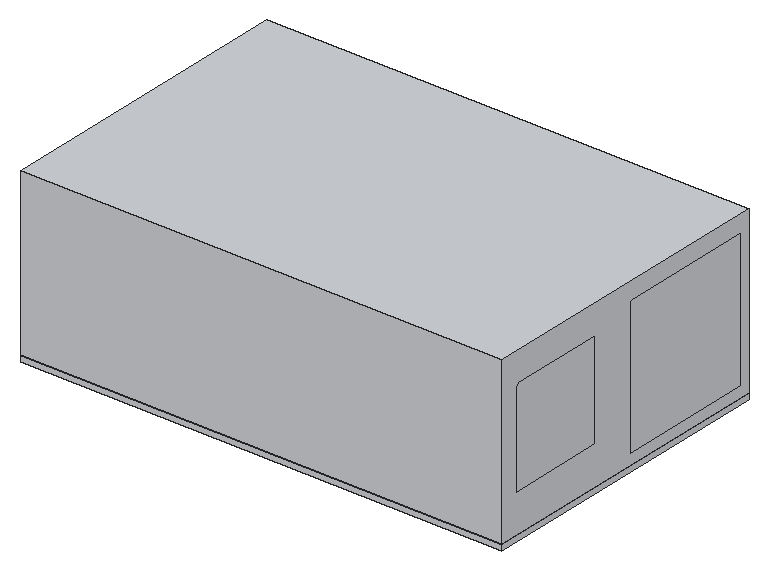
Revit family "AHU 7 _7", category Mechanické zařízení, Revit 2018
Family settings
  Kóta kulaté spojky = Použít průměr
  Typ dílu = Normální
  Číslo OmniClass = 23.75.00.00
  Nadpis OmniClass = Climate Control (HVAC)
  Založené na pracovní rovině = Ne
  Vždy vertikální = Ano
  Ořezat dutým tvarem při načtení = Ne
  Sdílené = Ne
  Bod výpočtu místnosti = Ne
Parameters (values of type "DUPLEXVENT 4500 Multi Eco")
  Width [instance] = 1.6 mm
  Weight [instance] = 420.00 kg
  URL = ""
  Type [instance] = "DUPLEXVENT 4500 Multi Eco"
  Total_SFP [instance] = 0
  Supply_outlet_hum [instance] = 90
  Supply_inlet_hum [instance] = 90
  Supply_ext_pressure [instance] = 0.0 Pa
  Supply_SFP [instance] = 0
  Source_adu_file [instance] = ""
  Recuperation_type [instance] = "Plate heat recovery exchanger"
  Recuperation_efficiency_EN308 [instance] = 91.9
  Project_name [instance] = ""
  Project_date [instance] = "10.8.2023"
  Power_supply_fusing [instance] = "0"
  Power_supply_cable [instance] = "0"
  Position [instance] = "AHU 7 "
  Phases_count [instance] = 3
  Panel_thickness [instance] = 0.06 mm
  Outer_surface [instance] = "RAL 9002"
  Length [instance] = 2.5 mm
  Insulation_type [instance] = "PUR"
  Insulation_thickness [instance] = 0.05 mm
  Installation_environment [instance] = ""
  Input_power_max [instance] = 5000 W
  Inner_surface [instance] = "Pozink"
  I2 [instance] = I1  # 0.0 L/s
  Height [instance] = 0.885 mm
  Exhaust_outlet_hum [instance] = 0
  Exhaust_inlet_hum [instance] = 40
  Exhaust_ext_pressure [instance] = 0.0 Pa
  Exhaust_SFP [instance] = 0
  E1 [instance] = E2 - M1  # 0.0 L/s
  E2 [instance] = 0.0 L/s
  I1 [instance] = 0.0 L/s
  Description = ""
  M1 [instance] = 0.0 L/s
  Device_dutypoint_version [instance] = "1"
  Device_design_version [instance] = "13"
  Device_adu_id [instance] = "7"
  Current_max [instance] = 7.6 A
  Casing_mat [instance] = "painted zinc layer"
  Cable type [instance] = "CYKY 5Jx2,5"
Reference planes
  plane 1 "Střed (vpředu/vzadu)": y = 0
  plane 2 "ref": z = 0
  plane 3 "Střed (vlevo/vpravo)": x = 0
Forms (mm)
  Sweep 1, solid
    path origin (0, 0, -855) x (0, 0, 1) y (1, 0, 0)
      loop
        line (0, 0) -> (855, 0)
    profile origin (0, 0, -855) x (1, 0, 0) y (0, 1, 0)
      loop
        line (0, 0) -> (2500, 0) -> (2500, 1600) -> (0, 1600) -> (0, 0)
  Sweep 2, solid
    path origin (2499, 350, -405) x (1, 0, 0) y (0, 1, 0)
      loop
        line (0, 0) -> (1, 0)
    profile origin (2499, 350, -405) x (0, 1, 0) y (0, 0, 1)
      loop
        line (250, 250) -> (-250, 250) -> (-250, -250) -> (250, -250) -> (250, 250)
  Sweep 3, solid
    path origin (1, 1190, -445) x (0, 1, 0) y (-1, 0, 0)
      loop
        line (0, 0) -> (0, 1)
    profile origin (1, 1190, -445) x (0, -1, 0) y (0, 0, 1)
      loop
        line (-355, 355) -> (-355, -355) -> (355, -355) -> (355, 355) -> (-355, 355)
  Sweep 4, solid
    path origin (1, 350, -405) x (0, 1, 0) y (-1, 0, 0)
      loop
        line (0, 0) -> (0, 1)
    profile origin (1, 350, -405) x (0, -1, 0) y (0, 0, 1)
      loop
        line (-250, 250) -> (-250, -250) -> (250, -250) -> (250, 250) -> (-250, 250)
  Sweep 5, solid
    path origin (2499, 1190, -445) x (1, 0, 0) y (0, 1, 0)
      loop
        line (0, 0) -> (1, 0)
    profile origin (2499, 1190, -445) x (0, 1, 0) y (0, 0, 1)
      loop
        line (355, 355) -> (-355, 355) -> (-355, -355) -> (355, -355) -> (355, 355)
  Sweep 6, solid
    path origin (2433, 1533, -855) x (0, -1, 0) y (0, 0, 1)
      loop
        line (0, 0) -> (0, -50)
    profile origin (2433, 1533, -855) x (-1, 0, 0) y (0, -1, 0)
      loop
        circle (0, 0) r 21
  Sweep 7, solid
    path origin (1151, 1533, -855) x (0, -1, 0) y (0, 0, 1)
      loop
        line (0, 0) -> (0, -50)
    profile origin (1151, 1533, -855) x (-1, 0, 0) y (0, -1, 0)
      loop
        circle (0, 0) r 21
  Sweep 8, solid
    path origin (0, 0, -885) x (0, 0, 1) y (1, 0, 0)
      loop
        line (0, 0) -> (25, 0)
    profile origin (0, 0, -885) x (1, 0, 0) y (0, 1, 0)
      loop
        line (0, 0) -> (2500, 0) -> (2500, 1600) -> (0, 1600) -> (0, 0)
  Sweep 9, solid
    path origin (0, 0, -778) x (0, 0, 1) y (1, 0, 0)
      loop
        line (0, 0) -> (305, 0)
    profile origin (0, 0, -778) x (1, 0, 0) y (0, 1, 0)
      loop
        line (1420, 1600) -> (1825, 1600) -> (1825, 1690) -> (1420, 1690) -> (1420, 1600)
  Sweep 10, solid
    path origin (1420, 1645, -625) x (0, 0, -1) y (1, 0, 0)
      loop
        line (0, 0) -> (0, -1)
    profile origin (1420, 1645, -625) x (0, 0, -1) y (0, -1, 0)
      loop
        circle (0, 0) r 10
Lines and regions (mm)
  model lines, style "Symbol"
    curve 1: line (1475, 0, 0) -> (1475, 320, 0)
    curve 2: line (1475, 1600, 0) -> (1475, 1280, 0)
    curve 3: line (0, 800, 0) -> (995, 800, 0)
    curve 4: line (2500, 800, 0) -> (1955, 800, 0)
    curve 5: line (995, 800, 0) -> (1235, 1280, 0)
    curve 6: line (1235, 1280, 0) -> (1715, 1280, 0)
    curve 7: line (1715, 1280, 0) -> (1955, 800, 0)
    curve 8: line (1955, 800, 0) -> (1715, 320, 0)
    curve 9: line (1715, 320, 0) -> (1475, 320, 0)
    curve 10: line (1475, 320, 0) -> (1235, 320, 0)
    curve 11: line (1235, 320, 0) -> (995, 800, 0)
    curve 12: line (352, 1086, 0) -> (96, 1130, 0)
    curve 13: line (352, 1314, 0) -> (96, 1270, 0)
    curve 14: line (2148, 1314, 0) -> (2404, 1270, 0)
    curve 15: line (2148, 1086, 0) -> (2404, 1130, 0)
    curve 16: line (2450, 640, 0) -> (2450, 160, 0)
    curve 17: line (2450, 160, 0) -> (2300, 160, 0)
    curve 18: line (2300, 160, 0) -> (2300, 640, 0)
    curve 19: line (2300, 640, 0) -> (2450, 640, 0)
    curve 20: line (2375, 640, 0) -> (2300, 400, 0)
    curve 21: line (2375, 160, 0) -> (2300, 400, 0)
    curve 22: line (50, 160, 0) -> (50, 640, 0)
    curve 23: line (50, 640, 0) -> (200, 640, 0)
    curve 24: line (200, 640, 0) -> (200, 160, 0)
    curve 25: line (200, 160, 0) -> (50, 160, 0)
    curve 26: line (125, 160, 0) -> (200, 400, 0)
    curve 27: line (125, 640, 0) -> (200, 400, 0)
    curve 28: line (1730, 316, 0) -> (1948, 744, 0)
    curve 29: line (1948, 744, 0) -> (2020, 708, 0)
    curve 30: line (2020, 708, 0) -> (1802, 280, 0)
    curve 31: line (1802, 280, 0) -> (1730, 316, 0)
    curve 32: line (1876, 584, 0) -> (1962, 612, 0)
    curve 33: line (1788, 412, 0) -> (1874, 440, 0)
    curve 34: line (2405, 1533, -855) -> (2461, 1533, -855)
    curve 35: line (2433, 1505, -855) -> (2433, 1561, -855)
    curve 36: line (1123, 1533, -855) -> (1179, 1533, -855)
    curve 37: line (1151, 1505, -855) -> (1151, 1561, -855)
    curve 38: line (2500, 0, -2185) -> (2500, 0, -885)
    curve 39: line (0, 0, -2185) -> (0, 0, -885)
    curve 40: line (2500, 0, -2185) -> (0, 0, -2185)
    curve 41: line (2500, 1600, -2185) -> (2500, 1600, -885)
    curve 42: line (0, 1600, -2185) -> (0, 1600, -885)
    curve 43: line (2500, 1600, -2185) -> (0, 1600, -2185)
    curve 44: line (2500, 0, -2185) -> (2500, 1600, -2185)
    curve 45: line (0, 0, -2185) -> (0, 1600, -2185)
    curve 46: line (2500, 1400, -2185) -> (2300, 1600, -2185)
    curve 47: line (2500, 1200, -2185) -> (2100, 1600, -2185)
    curve 48: line (2500, 1000, -2185) -> (1900, 1600, -2185)
    curve 49: line (2500, 800, -2185) -> (1700, 1600, -2185)
    curve 50: line (2500, 600, -2185) -> (1500, 1600, -2185)
    curve 51: line (2500, 400, -2185) -> (1300, 1600, -2185)
    curve 52: line (2500, 200, -2185) -> (1100, 1600, -2185)
    curve 53: line (2500, 0, -2185) -> (900, 1600, -2185)
    curve 54: line (2300, 0, -2185) -> (700, 1600, -2185)
    curve 55: line (2100, 0, -2185) -> (500, 1600, -2185)
    curve 56: line (1900, 0, -2185) -> (300, 1600, -2185)
    curve 57: line (1700, 0, -2185) -> (100, 1600, -2185)
    curve 58: line (1500, 0, -2185) -> (0, 1500, -2185)
    curve 59: line (1300, 0, -2185) -> (0, 1300, -2185)
    curve 60: line (1100, 0, -2185) -> (0, 1100, -2185)
    curve 61: line (900, 0, -2185) -> (0, 900, -2185)
    curve 62: line (700, 0, -2185) -> (0, 700, -2185)
    curve 63: line (500, 0, -2185) -> (0, 500, -2185)
    curve 64: line (300, 0, -2185) -> (0, 300, -2185)
    curve 65: line (100, 0, -2185) -> (0, 100, -2185)
    curve 66: line (0, 1400, -2185) -> (0, 1600, -1985)
    curve 67: line (0, 1200, -2185) -> (0, 1600, -1785)
    curve 68: line (0, 1000, -2185) -> (0, 1600, -1585)
    curve 69: line (0, 800, -2185) -> (0, 1600, -1385)
    curve 70: line (0, 600, -2185) -> (0, 1600, -1185)
    curve 71: line (0, 400, -2185) -> (0, 1600, -985)
    curve 72: line (0, 200, -2185) -> (0, 1500, -885)
    curve 73: line (0, 0, -2185) -> (0, 1300, -885)
    curve 74: line (0, 0, -1985) -> (0, 1100, -885)
    curve 75: line (0, 0, -1785) -> (0, 900, -885)
    curve 76: line (0, 0, -1585) -> (0, 700, -885)
    curve 77: line (0, 0, -1385) -> (0, 500, -885)
    curve 78: line (0, 0, -1185) -> (0, 300, -885)
    curve 79: line (0, 0, -985) -> (0, 100, -885)
    curve 80: line (2500, 1600, -1985) -> (2300, 1600, -2185)
    curve 81: line (2500, 1600, -1785) -> (2100, 1600, -2185)
    curve 82: line (2500, 1600, -1585) -> (1900, 1600, -2185)
    curve 83: line (2500, 1600, -1385) -> (1700, 1600, -2185)
    curve 84: line (2500, 1600, -1185) -> (1500, 1600, -2185)
    curve 85: line (2500, 1600, -985) -> (1300, 1600, -2185)
    curve 86: line (2400, 1600, -885) -> (1100, 1600, -2185)
    curve 87: line (2200, 1600, -885) -> (900, 1600, -2185)
    curve 88: line (2000, 1600, -885) -> (700, 1600, -2185)
    curve 89: line (1800, 1600, -885) -> (500, 1600, -2185)
    curve 90: line (1600, 1600, -885) -> (300, 1600, -2185)
    curve 91: line (1400, 1600, -885) -> (100, 1600, -2185)
    curve 92: line (1200, 1600, -885) -> (0, 1600, -2085)
    curve 93: line (1000, 1600, -885) -> (0, 1600, -1885)
    curve 94: line (800, 1600, -885) -> (0, 1600, -1685)
    curve 95: line (600, 1600, -885) -> (0, 1600, -1485)
    curve 96: line (400, 1600, -885) -> (0, 1600, -1285)
    curve 97: line (200, 1600, -885) -> (0, 1600, -1085)
    curve 98: line (0, 2320, 0) -> (0, 1600, 0)
    curve 99: line (2500, 2320, 0) -> (2500, 1600, 0)
    curve 100: line (0, 2320, 0) -> (2500, 2320, 0)
    curve 101: line (0, 2320, -855) -> (0, 1600, -855)
    curve 102: line (2500, 2320, -855) -> (2500, 1600, -855)
    curve 103: line (0, 2320, -855) -> (2500, 2320, -855)
    curve 104: line (0, 2320, 0) -> (0, 2320, -855)
    curve 105: line (2500, 2320, 0) -> (2500, 2320, -855)
    curve 106: line (0, 2320, -655) -> (200, 2320, -855)
    curve 107: line (0, 2320, -455) -> (400, 2320, -855)
    curve 108: line (0, 2320, -255) -> (600, 2320, -855)
    curve 109: line (0, 2320, -55) -> (800, 2320, -855)
    curve 110: line (145, 2320, 0) -> (1000, 2320, -855)
    curve 111: line (345, 2320, 0) -> (1200, 2320, -855)
    curve 112: line (545, 2320, 0) -> (1400, 2320, -855)
    curve 113: line (745, 2320, 0) -> (1600, 2320, -855)
    curve 114: line (945, 2320, 0) -> (1800, 2320, -855)
    curve 115: line (1145, 2320, 0) -> (2000, 2320, -855)
    curve 116: line (1345, 2320, 0) -> (2200, 2320, -855)
    curve 117: line (1545, 2320, 0) -> (2400, 2320, -855)
    curve 118: line (1745, 2320, 0) -> (2500, 2320, -755)
    curve 119: line (1945, 2320, 0) -> (2500, 2320, -555)
    curve 120: line (2145, 2320, 0) -> (2500, 2320, -355)
    curve 121: line (2345, 2320, 0) -> (2500, 2320, -155)
    curve 122: line (2500, 2320, -655) -> (2500, 2120, -855)
    curve 123: line (2500, 2320, -455) -> (2500, 1920, -855)
    curve 124: line (2500, 2320, -255) -> (2500, 1720, -855)
    curve 125: line (2500, 2320, -55) -> (2500, 1600, -775)
    curve 126: line (2500, 2175, 0) -> (2500, 1600, -575)
    curve 127: line (2500, 1975, 0) -> (2500, 1600, -375)
    curve 128: line (2500, 1775, 0) -> (2500, 1600, -175)
    curve 129: line (0, 2120, -855) -> (200, 2320, -855)
    curve 130: line (0, 1920, -855) -> (400, 2320, -855)
    curve 131: line (0, 1720, -855) -> (600, 2320, -855)
    curve 132: line (80, 1600, -855) -> (800, 2320, -855)
    curve 133: line (280, 1600, -855) -> (1000, 2320, -855)
    curve 134: line (480, 1600, -855) -> (1200, 2320, -855)
    curve 135: line (680, 1600, -855) -> (1400, 2320, -855)
    curve 136: line (880, 1600, -855) -> (1600, 2320, -855)
    curve 137: line (1080, 1600, -855) -> (1800, 2320, -855)
    curve 138: line (1280, 1600, -855) -> (2000, 2320, -855)
    curve 139: line (1480, 1600, -855) -> (2200, 2320, -855)
    curve 140: line (1680, 1600, -855) -> (2400, 2320, -855)
    curve 141: line (1880, 1600, -855) -> (2500, 2220, -855)
    curve 142: line (2080, 1600, -855) -> (2500, 2020, -855)
    curve 143: line (2280, 1600, -855) -> (2500, 1820, -855)
    curve 144: line (2480, 1600, -855) -> (2500, 1620, -855)
    curve 145: line (0, 0, -860) -> (0, 1600, -860)
    curve 146: line (0, 1600, -860) -> (1120, 1600, -860)
    curve 147: line (1120, 1600, -860) -> (1120, 0, -860)
    curve 148: line (1120, 0, -860) -> (0, 0, -860)
    curve 149: line (1380, 0, -860) -> (1380, 1600, -860)
    curve 150: line (1380, 1600, -860) -> (2500, 1600, -860)
    curve 151: line (2500, 1600, -860) -> (2500, 0, -860)
    curve 152: line (2500, 0, -860) -> (1380, 0, -860)
    curve 153: line (0, 0, -860) -> (2500, 0, -860)
    curve 154: line (0, 1600, -860) -> (2500, 1600, -860)
    curve 155: line (0, 0, -860) -> (0, 1600, -860)
    curve 156: line (2500, 0, -860) -> (2500, 1600, -860)
    curve 157: line (0, 0, -860) -> (0, 0, -885)
    curve 158: line (2500, 0, -860) -> (2500, 0, -885)
    curve 159: line (0, 1600, -860) -> (0, 1600, -885)
    curve 160: line (2500, 1600, -860) -> (2500, 1600, -885)
    curve 161: line (-9, 1650, 0) -> (42, 1650, 0)
    curve 162: line (42, 1650, 0) -> (42, 1600, 0)
    curve 163: line (42, 1600, 0) -> (-9, 1600, 0)
    curve 164: line (-9, 1600, 0) -> (-9, 1650, 0)
    curve 165: line (-9, 1600, -150) -> (-9, 1600, 0)
    curve 166: line (-9, 1600, 0) -> (42, 1600, 0)
    curve 167: line (42, 1600, 0) -> (42, 1600, -150)
    curve 168: line (42, 1600, -150) -> (-9, 1600, -150)
    curve 169: line (-9, 1613, -150) -> (-9, 1650, 0)
    curve 170: line (-9, 1650, 0) -> (-9, 1600, 0)
    curve 171: line (-9, 1600, 0) -> (-9, 1600, -150)
    curve 172: line (-9, 1600, -150) -> (-9, 1613, -150)
    curve 173: line (42, 1613, -150) -> (42, 1650, 0)
    curve 174: line (42, 1650, 0) -> (42, 1600, 0)
    curve 175: line (42, 1600, 0) -> (42, 1600, -150)
    curve 176: line (42, 1600, -150) -> (42, 1613, -150)
    curve 177: line (42, -50, 0) -> (-9, -50, 0)
    curve 178: line (-9, -50, 0) -> (-9, 0, 0)
    curve 179: line (-9, 0, 0) -> (42, 0, 0)
    curve 180: line (42, 0, 0) -> (42, -50, 0)
    curve 181: line (42, 0, -150) -> (42, 0, 0)
    curve 182: line (42, 0, 0) -> (-9, 0, 0)
    curve 183: line (-9, 0, 0) -> (-9, 0, -150)
    curve 184: line (-9, 0, -150) -> (42, 0, -150)
    curve 185: line (42, -13, -150) -> (42, -50, 0)
    curve 186: line (42, -50, 0) -> (42, 0, 0)
    curve 187: line (42, 0, 0) -> (42, 0, -150)
    curve 188: line (42, 0, -150) -> (42, -13, -150)
    curve 189: line (-9, -13, -150) -> (-9, -50, 0)
    curve 190: line (-9, -50, 0) -> (-9, 0, 0)
    curve 191: line (-9, 0, 0) -> (-9, 0, -150)
    curve 192: line (-9, 0, -150) -> (-9, -13, -150)
    curve 193: line (2509, -50, 0) -> (2458, -50, 0)
    curve 194: line (2458, -50, 0) -> (2458, 0, 0)
    curve 195: line (2458, 0, 0) -> (2509, 0, 0)
    curve 196: line (2509, 0, 0) -> (2509, -50, 0)
    curve 197: line (2509, 0, -150) -> (2509, 0, 0)
    curve 198: line (2509, 0, 0) -> (2458, 0, 0)
    curve 199: line (2458, 0, 0) -> (2458, 0, -150)
    curve 200: line (2458, 0, -150) -> (2509, 0, -150)
    curve 201: line (2509, -13, -150) -> (2509, -50, 0)
    curve 202: line (2509, -50, 0) -> (2509, 0, 0)
    curve 203: line (2509, 0, 0) -> (2509, 0, -150)
    curve 204: line (2509, 0, -150) -> (2509, -13, -150)
    curve 205: line (2458, -13, -150) -> (2458, -50, 0)
    curve 206: line (2458, -50, 0) -> (2458, 0, 0)
    curve 207: line (2458, 0, 0) -> (2458, 0, -150)
    curve 208: line (2458, 0, -150) -> (2458, -13, -150)
    curve 209: line (2458, 1650, 0) -> (2509, 1650, 0)
    curve 210: line (2509, 1650, 0) -> (2509, 1600, 0)
    curve 211: line (2509, 1600, 0) -> (2458, 1600, 0)
    curve 212: line (2458, 1600, 0) -> (2458, 1650, 0)
    curve 213: line (2458, 1600, -150) -> (2458, 1600, 0)
    curve 214: line (2458, 1600, 0) -> (2509, 1600, 0)
    curve 215: line (2509, 1600, 0) -> (2509, 1600, -150)
    curve 216: line (2509, 1600, -150) -> (2458, 1600, -150)
    curve 217: line (2458, 1613, -150) -> (2458, 1650, 0)
    curve 218: line (2458, 1650, 0) -> (2458, 1600, 0)
    curve 219: line (2458, 1600, 0) -> (2458, 1600, -150)
    curve 220: line (2458, 1600, -150) -> (2458, 1613, -150)
    curve 221: line (2509, 1613, -150) -> (2509, 1650, 0)
    curve 222: line (2509, 1650, 0) -> (2509, 1600, 0)
    curve 223: line (2509, 1600, 0) -> (2509, 1600, -150)
    curve 224: line (2509, 1600, -150) -> (2509, 1613, -150)
    curve 225: circle (240, 1200, 0) r 160 normal (0, 0, 1)
    curve 226: circle (2260, 1200, 0) r 160 normal (0, 0, 1)
    curve 227: circle (1919, 598, 0) r 12 normal (0, 0, 1)
    curve 228: circle (1831, 426, 0) r 12 normal (0, 0, 1)
    curve 229: circle (2433, 1533, -855) r 21 normal (0, 0, 1)
    curve 230: circle (1151, 1533, -855) r 21 normal (0, 0, 1)
    curve 231: circle (17, 1625, 0) r 5 normal (0, 0, 1)
    curve 232: circle (17, -25, 0) r 5 normal (0, 0, 1)
    curve 233: circle (2483, -25, 0) r 5 normal (0, 0, 1)
    curve 234: circle (2483, 1625, 0) r 5 normal (0, 0, 1)
Dimensions and locks
  aligned and locked: level to plane 2 "ref"
Connectors
  hvac at (2500, 350, -405), driven by "E1"
    settings: on Sweep 2, index 1, duct flow 0.0 L/s, flow factor 0, pres drop 0.0 Pa, loss coef 0, conn angle 0.00°, conn width 500 mm, conn height 500 mm, conn diameter 609.6 mm, duct sys type 1, conn prof type 1, flow config 1, flow direction 1, loss method 0, conn ref index -1, conn util no, is conn primary yes, conn desc ""
  hvac at (0, 1190, -445), driven by "E2"
    settings: on Sweep 3, index 2, duct flow 0.0 L/s, flow factor 1, pres drop 0.0 Pa, loss coef 0, conn angle 0.00°, conn width 710 mm, conn height 710 mm, conn diameter 609.6 mm, duct sys type 1, conn prof type 1, flow config 2, flow direction 2, loss method 0, conn ref index -1, conn util no, is conn primary no, conn desc ""
  hvac at (0, 350, -405), driven by "I1"
    settings: on Sweep 4, index 3, duct flow 0.0 L/s, flow factor 1, pres drop 0.0 Pa, loss coef 0, conn angle 0.00°, conn width 500 mm, conn height 500 mm, conn diameter 609.6 mm, duct sys type 3, conn prof type 1, flow config 2, flow direction 1, loss method 0, conn ref index -1, conn util no, is conn primary no, conn desc ""
  hvac at (2500, 1190, -445), driven by "I2"
    settings: on Sweep 5, index 4, duct flow 0.0 L/s, flow factor 0, pres drop 0.0 Pa, loss coef 0, conn angle 0.00°, conn width 710 mm, conn height 710 mm, conn diameter 609.6 mm, duct sys type 3, conn prof type 1, flow config 1, flow direction 2, loss method 0, conn ref index -1, conn util no, is conn primary no, conn desc ""
  piping at (2433, 1533, -905), diameter 40
    settings: on Sweep 6, index 5, connector inside diameter 609.6 mm, connector length 0 mm, flow factor 0, pipe flow 0.0 L/s, pressure drop 0.0 Pa, fitting loss kfactor 0, connector angle 0.00°, fixture units 0, engagement length 0 mm, angle of deflection 0.00°, flow configuration 1, flow direction 2, fitting loss method 0, system type 16, joint type 0, gender type 0, connector reference index -1, connector utility 0, adjustable connector no, is connector primary yes, connector description ""
  piping at (1151, 1533, -905), diameter 40
    settings: on Sweep 7, index 6, connector inside diameter 609.6 mm, connector length 0 mm, flow factor 0, pipe flow 0.0 L/s, pressure drop 0.0 Pa, fitting loss kfactor 0, connector angle 0.00°, fixture units 0, engagement length 0 mm, angle of deflection 0.00°, flow configuration 1, flow direction 2, fitting loss method 0, system type 16, joint type 0, gender type 0, connector reference index -1, connector utility 0, adjustable connector no, is connector primary no, connector description ""
  electrical at (1419, 1645, -625)
    settings: on Sweep 10, index 7, voltage 400 V, apparent load 0 VA, apparent load phase1 0 VA, apparent load phase2 0 VA, apparent load phase3 0 VA, power factor 1, load classification "Další", number of poles 3, system type 31, power factor state 1, is connector primary yes, connector utility no, sub classification motor no, connector description ""
